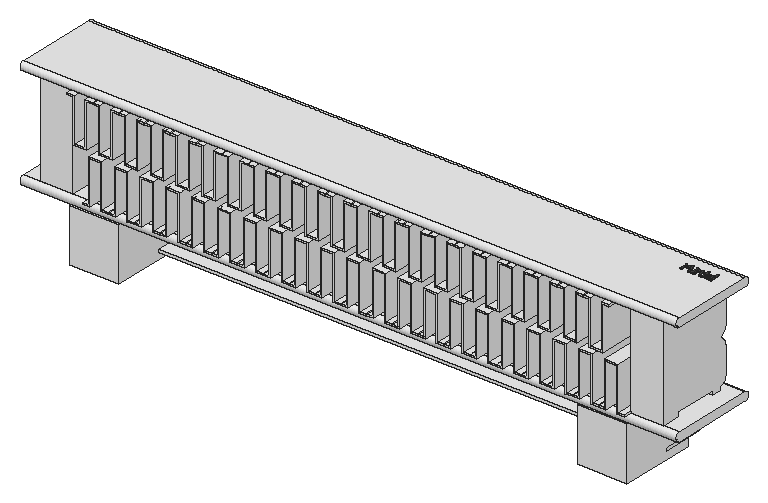
Revit family "Runtal R2F-1", category Mechanical Equipment, host Face, Revit 2015
Parameters (values of type "Radiator-R2F_1-Runtal-Commercial")
  URL = "http://www.runtalnorthamerica.com/commercial_institutional/type_r2f_quick_specs.html"
  Model = "R2F-1"
  Manufacturer = "Runtal Radiators"
  Logo = Paint-Runtal-B-Black Matte
  Length = 508.000 mm
  Lamelle = yes
  Height = 144.780 mm
  Grille Visibility = Actual Length < 1524.000 mm  # yes
  Grille = yes
  Frame = UHMW, White
  Fin Length = Actual Length - 38.100 mm - 38.100 mm  # 431.800 mm
  Fin Height = 67.000 mm
  Description = "R2F radiators are mounted horizontally and consist of two rows of fins sandwiched between two layers of panels."
  Default Elevation = 1219.200 mm
  Casing = Powder Coated-Runtal-W-White
  Assembly Code = "D3020"
  Actual Length = if(Length < 508.000 mm, 508.000 mm, (if(Length > 8991.600 mm, 8991.600 mm, Length)))  # 508.000 mm
Reference planes
  plane 1 "Center (Front/Back)": y = 0
  plane 2: z = 0
  plane 3 "Center (Left/Right)": x = 0
  plane 4: z = 41.275
  plane 5: z = 84.138
  plane 6: z = 120.65
  plane 7: x = -254
  plane 8: x = 254
  plane 9: x = 215.9
  plane 10: z = 52.675
  plane 11: z = 114.975
  plane 12: x = -215.9
  plane 13: z = 47.625
  plane 14: x = -241.3
  plane 15: x = 241.3
  plane 16: y = 66.03
  plane 17: y = 60.38
  plane 18: y = 61.38
  plane 19: z = 90.21
  plane 20: z = 52.675
  plane 21: z = 10.916
Forms (mm)
  Sweep 1, solid, material "Powder Coated-Runtal-W-White" <- "Casing"
    path origin (0, 2.53, -82.252) x (0, 0, -1) y (-1, 0, 0)
      loop
        line (-202.902, 254) -> (-202.902, -254)
    profile "PF Panel : PF Panel" origin (0, 2.53, 120.65) x (0, 0, -1) y (0, 1, 0)
      loop
        arc (-6.35, 3.175) -> (-3.175, 0) -> (0, 3.175) r 3.175
        line (0, 3.175) -> (0, 66.675)
        arc (0, 66.675) -> (-3.175, 69.85) -> (-6.35, 66.675) r 3.175
        line (-6.35, 66.675) -> (-6.35, 3.175)
  Sweep 2, solid, material "Powder Coated-Runtal-W-White" <- "Casing"
    path origin (0, 2.53, -161.627) x (0, 0, -1) y (-1, 0, 0)
      loop
        line (-202.902, 254) -> (-202.902, -254)
    profile "PF Panel : PF Panel" origin (0, 2.53, 41.275) x (0, 0, -1) y (0, 1, 0)
      loop
        arc (-6.35, 3.175) -> (-3.175, 0) -> (0, 3.175) r 3.175
        line (0, 3.175) -> (0, 66.675)
        arc (0, 66.675) -> (-3.175, 69.85) -> (-6.35, 66.675) r 3.175
        line (-6.35, 66.675) -> (-6.35, 3.175)
  Extrusion 3, solid, material "Paint-Runtal-B-Black Matte" <- "Logo"
    sketch origin (0, -823.718, -152.4) x (1, 0, 0) y (0, 1, 0)
      loop
        line (215.9, 877.175) -> (217.482, 877.175) -> (217.482, 880.935)
        arc (217.482, 880.935) -> (218.028, 881.547) -> (218.698, 881.075) r 0.616
        arc (218.698, 881.075) -> (218.926, 880.633) -> (219.216, 880.229) r 3.37
        line (219.216, 880.229) -> (221.077, 880.229) -> (219.757, 883.061)
        arc (219.757, 883.061) -> (219.338, 883.403) -> (218.812, 883.525) r 1.194
        line (218.812, 883.525) -> (216.635, 883.525)
        arc (216.635, 883.525) -> (216.118, 883.334) -> (215.9, 882.827) r 0.699
        line (215.9, 882.827) -> (215.9, 877.175)
      loop
        line (222.852, 877.146) -> (225.869, 877.146) -> (225.869, 883.46)
        arc (225.869, 883.46) -> (225.105, 883.929) -> (224.341, 883.46) r 0.856
        line (224.341, 883.46) -> (224.341, 879.55)
        arc (224.341, 879.55) -> (223.721, 878.929) -> (223.1, 879.55) r 0.62
        line (223.1, 879.55) -> (221.834, 883.692)
        arc (221.834, 883.692) -> (220.996, 884.11) -> (220.536, 883.296) r 0.68
        line (220.536, 883.296) -> (221.738, 878.473)
        arc (221.738, 878.473) -> (222.142, 877.681) -> (222.852, 877.146) r 1.976
      loop
        line (226.263, 877.175) -> (227.738, 877.175) -> (227.738, 881.08)
        arc (227.738, 881.08) -> (228.119, 881.677) -> (228.747, 881.35) r 0.524
        line (228.747, 881.35) -> (229.931, 878.096)
        arc (229.931, 878.096) -> (230.64, 877.334) -> (231.68, 877.312) r 1.335
        line (231.68, 877.312) -> (230.282, 882.529)
        arc (230.282, 882.529) -> (229.99, 883.234) -> (229.286, 883.525) r 0.996
        line (229.286, 883.525) -> (226.837, 883.525)
        arc (226.837, 883.525) -> (226.431, 883.357) -> (226.263, 882.951) r 0.574
        line (226.263, 882.951) -> (226.263, 877.175)
      loop
        line (232.362, 877.175) -> (233.546, 877.175) -> (233.546, 880.946)
        arc (233.546, 880.946) -> (233.686, 881.325) -> (234.038, 881.521) r 0.582
        line (234.038, 881.521) -> (236.904, 881.521)
        arc (236.904, 881.521) -> (237.565, 880.86) -> (236.904, 880.199) r 0.661
        line (236.904, 880.199) -> (235.445, 880.199)
        arc (235.445, 880.199) -> (234.937, 879.989) -> (234.726, 879.481) r 0.718
        line (234.726, 879.481) -> (234.726, 877.743)
        arc (234.726, 877.743) -> (235.131, 877.463) -> (235.621, 877.417) r 0.967
        line (235.621, 877.417) -> (238.115, 877.417)
        arc (238.115, 877.417) -> (238.698, 877.659) -> (238.939, 878.241) r 0.824
        line (238.939, 878.241) -> (238.939, 881.716)
        arc (238.939, 881.716) -> (238.614, 882.502) -> (237.828, 882.828) r 1.111
        line (237.828, 882.828) -> (234.143, 882.828)
        arc (234.143, 882.828) -> (233.721, 883.003) -> (233.546, 883.425) r 0.597
        line (233.546, 883.425) -> (233.546, 884.441)
        arc (233.546, 884.441) -> (232.868, 885.118) -> (232.191, 884.441) r 0.677
        line (232.191, 884.441) -> (232.191, 882.794)
        arc (232.191, 882.794) -> (231.752, 882.355) -> (231.152, 882.194) r 1.2
        arc (231.152, 882.194) -> (230.815, 881.857) -> (231.152, 881.521) r 0.336
        arc (231.152, 881.521) -> (231.811, 881.385) -> (232.362, 880.998) r 1.661
        line (232.362, 880.998) -> (232.362, 877.175)
      loop
        spline (235.817, 878.915) -> (235.846, 878.769) -> (235.933, 878.633) -> (236.07, 878.516) -> (236.248, 878.426) -> (236.456, 878.37) -> (236.68, 878.35) -> (236.903, 878.37) -> (237.111, 878.426) -> (237.289, 878.516) -> (237.427, 878.633) -> (237.513, 878.769) -> (237.542, 878.915)
        spline (237.542, 878.915) -> (237.513, 879.061) -> (237.427, 879.198) -> (237.289, 879.315) -> (237.111, 879.404) -> (236.903, 879.461) -> (236.68, 879.48) -> (236.456, 879.461) -> (236.248, 879.404) -> (236.07, 879.315) -> (235.933, 879.198) -> (235.846, 879.061) -> (235.817, 878.915)
      loop
        line (239.224, 877.175) -> (240.643, 877.175) -> (240.643, 884.403)
        arc (240.643, 884.403) -> (239.934, 885.113) -> (239.224, 884.403) r 0.71
        line (239.224, 884.403) -> (239.224, 877.175)
    from 279.4 to 279.569
  Extrusion 4, solid, material "Powder Coated-Runtal-W-White" <- "Casing"
    sketch origin (0, 72.38, -82.252) x (0, 0, -1) y (-1, 0, 0)
      loop
        line (-123.527, 177.8) -> (-82.252, 177.8) -> (-82.252, 215.9) -> (-123.527, 215.9) -> (-123.527, 177.8)
      loop
        line (-123.527, -177.8) -> (-123.527, -215.9) -> (-82.252, -215.9) -> (-82.252, -177.8) -> (-123.527, -177.8)
    from -69.85 to -11
  Extrusion 5, solid, material "Powder Coated-Runtal-W-White" <- "Casing", detail levels medium+fine
    sketch origin (0, -823.718, -77.492) x (1, 0, 0) y (0, 0, -1)
      loop
        arc (-213.36, -125.117) -> (-215.156, -125.861) -> (-215.9, -127.657) r 2.54
        line (-215.9, -127.657) -> (-215.9, -158.452)
        arc (-215.9, -158.452) -> (-215.156, -160.248) -> (-213.36, -160.992) r 2.54
        line (-213.36, -160.992) -> (213.36, -160.992)
        arc (213.36, -160.992) -> (215.156, -160.248) -> (215.9, -158.452) r 2.54
        line (215.9, -158.452) -> (215.9, -127.657)
        arc (215.9, -127.657) -> (215.156, -125.861) -> (213.36, -125.117) r 2.54
        line (213.36, -125.117) -> (-213.36, -125.117)
      loop
        arc (213.36, -198.142) -> (215.156, -197.398) -> (215.9, -195.602) r 2.54
        line (215.9, -195.602) -> (215.9, -164.169)
        arc (215.9, -164.169) -> (215.156, -162.373) -> (213.36, -161.629) r 2.54
        line (213.36, -161.629) -> (-213.36, -161.629)
        arc (-213.36, -161.629) -> (-215.156, -162.373) -> (-215.9, -164.169) r 2.54
        line (-215.9, -164.169) -> (-215.9, -195.602)
        arc (-215.9, -195.602) -> (-215.156, -197.398) -> (-213.36, -198.142) r 2.54
        line (-213.36, -198.142) -> (213.36, -198.142)
    from 890.718 to 896.098
  Extrusion 6, solid, material "Powder Coated-Runtal-W-White" <- "Casing"
    sketch origin (-457.2, -823.718, -82.38) x (0, 0, -1) y (0, 1, 0)
      loop
        arc (-133.188, 890.718) -> (-134.569, 894.504) -> (-138.27, 896.099) r 5.09
        line (-138.27, 896.099) -> (-160.039, 896.099)
        arc (-160.039, 896.099) -> (-164.401, 894.445) -> (-166.569, 890.314) r 6.578
        arc (-166.569, 890.314) -> (-168.673, 894.439) -> (-172.997, 896.098) r 6.464
        line (-172.997, 896.098) -> (-194.671, 896.098)
        arc (-194.671, 896.098) -> (-198.416, 894.512) -> (-199.883, 890.718) r 5.214
        line (-199.883, 890.718) -> (-203.03, 890.718) -> (-203.03, 877.778) -> (-199.855, 877.778) -> (-199.855, 844.049) -> (-203.03, 844.049) -> (-203.03, 829.825) -> (-130.005, 829.825) -> (-130.005, 844.049) -> (-133.18, 844.049) -> (-133.18, 877.778) -> (-130.005, 877.778) -> (-130.005, 890.718) -> (-133.188, 890.718)
    from 215.9 to 241.3
  Extrusion 7, solid, material "Powder Coated-Runtal-W-White" <- "Casing"
    sketch origin (0, 0, 0) x (0, 1, 0) y (0, 0, 1)
      loop
        line (72.38, 41.275) -> (70.461, 41.275) -> (70.461, 7.798) -> (40.63, 7.798) -> (40.63, 5.88) -> (72.38, 5.88) -> (72.38, 41.275)
    from -215.9 to 215.9
  Extrusion 8, solid, material "Powder Coated-Runtal-W-White" <- "Casing"
    sketch origin (457.2, -823.718, -82.38) x (0, 0, -1) y (0, -1, 0)
      loop
        line (-133.188, -884.368) -> (-130.005, -884.368) -> (-130.005, -877.778) -> (-133.18, -877.778) -> (-133.18, -844.049) -> (-130.005, -844.049) -> (-130.005, -829.825) -> (-203.03, -829.825) -> (-203.03, -844.049) -> (-199.855, -844.049) -> (-199.855, -877.778) -> (-203.03, -877.778) -> (-203.03, -884.368) -> (-199.883, -884.368)
        arc (-199.883, -884.368) -> (-198.416, -888.162) -> (-194.671, -889.748) r 5.214
        line (-194.671, -889.748) -> (-172.997, -889.748)
        arc (-172.997, -889.748) -> (-168.673, -888.089) -> (-166.569, -883.964) r 6.464
        arc (-166.569, -883.964) -> (-164.401, -888.095) -> (-160.039, -889.749) r 6.578
        line (-160.039, -889.749) -> (-138.27, -889.749)
        arc (-138.27, -889.749) -> (-134.569, -888.154) -> (-133.188, -884.368) r 5.09
    from 215.9 to 241.3
Dimensions and locks
  plane 6 to plane 5 to plane 4 to level = 36.512 mm locked, 42.863 mm locked, 41.275 mm locked
  locked: level to plane 10 at 52.675
  locked: level to plane 11 at 114.975
  equal spacing: plane 7, plane 3 "Center (Left/Right)", plane 8  (x2)
  locked: plane 13 to level at 47.625
  locked: plane 9 to plane 8 at 38.1
  locked: plane 12 to plane 7 at 38.1
  "Actual Length": plane 7 to plane 8
  locked: plane 15 to plane 8 at 12.7
  locked: plane 7 to plane 14 at 12.7
  locked: host face to plane 19 at 90.21
  locked: host face to plane 20 at 52.675
  locked: host face to plane 21 at 10.916
  aligned and locked: plane 2 to host face
  aligned and locked: level to host face
  aligned and locked: plane 2 to nested 1
  aligned and locked: nested 1 to plane 7
  aligned and locked: plane 2 to nested 2
  aligned and locked: Extrusion 4 to level  (x3)
  aligned and locked: level to nested 2
  aligned and locked: plane 14 to Extrusion 6
  aligned and locked: Extrusion 6 to plane 12  (x4)
  aligned and locked: plane 12 to nested 3
  aligned and locked: nested 4 to plane 9
  aligned and locked: Extrusion 7 to plane 4  (x2)
  aligned and locked: plane 18 to nested 6
  aligned and locked: nested 6 to plane 12
  aligned and locked: nested 6 to plane 9
  aligned and locked: nested 5 to plane 9
  aligned and locked: plane 9 to Extrusion 7
  aligned and locked: plane 9 to Extrusion 4
  aligned and locked: nested 1 to plane 9  (x2)
  aligned and locked: Extrusion 7 to plane 12
  aligned and locked: Extrusion 4 to plane 12
  aligned and locked: plane 12 to nested 1  (x2)
  aligned and locked: nested 5 to plane 12
  aligned and locked: Extrusion 8 to plane 15
  aligned and locked: Extrusion 8 to plane 9
  aligned and locked: plane 15 to nested 2
  aligned and locked: Extrusion 4 to nested 6
  aligned and locked: plane 21 to nested 5
  aligned and locked: plane 20 to nested 8
  aligned and locked: plane 9 to Extrusion 5  (x2)
  aligned and locked: plane 9 to nested 7
  aligned and locked: plane 9 to nested 8
  aligned and locked: plane 12 to nested 7
  aligned and locked: plane 12 to nested 8
  aligned and locked: plane 12 to Extrusion 7
  aligned and locked: Extrusion 5 to plane 12  (x2)
  aligned and locked: nested 4 to plane 12
  aligned and locked: plane 9 to Extrusion 8  (x2)
Automatic sketch dimensions
  host sketch curve to host sketch curve = 2438.400 mm  (x2)
  Sweep 1 sketch curve to plane 6 = 0.000 mm
  plane 8 to Sweep 1 sketch curve = 0.000 mm
  plane 7 to Sweep 1 sketch curve = 0.000 mm
  Sweep 2 sketch curve to plane 4 = 0.000 mm
  plane 8 to Sweep 2 sketch curve = 0.000 mm
  plane 7 to Sweep 2 sketch curve = 0.000 mm
  Extrusion 3 sketch curve to plane 9 = 0.000 mm
  plane 17 to Extrusion 3 sketch curve = 6.953 mm
  plane 9 to Extrusion 3 sketch curve = 0.735 mm
  Extrusion 3 sketch curve to Extrusion 3 sketch curve = 1.582 mm
  plane 17 to Extrusion 3 sketch curve = 0.573 mm  (x2)
  Extrusion 3 sketch curve to Extrusion 3 sketch curve = 2.177 mm
  Extrusion 3 sketch curve to Extrusion 3 sketch curve = 1.734 mm
  plane 17 to Extrusion 3 sketch curve = 1.037 mm
  Extrusion 3 sketch curve to Extrusion 3 sketch curve = 0.945 mm
  plane 17 to Extrusion 3 sketch curve = 0.803 mm
  Extrusion 3 sketch curve to Extrusion 3 sketch curve = 0.779 mm
  Extrusion 3 sketch curve to Extrusion 3 sketch curve = 1.861 mm
  Extrusion 3 sketch curve to Extrusion 3 sketch curve = 0.661 mm
  plane 17 to Extrusion 3 sketch curve = 0.406 mm
  Extrusion 3 sketch curve to Extrusion 3 sketch curve = 1.298 mm
  Extrusion 3 sketch curve to Extrusion 3 sketch curve = 1.114 mm
  Extrusion 3 sketch curve to Extrusion 3 sketch curve = 1.362 mm
  plane 17 to Extrusion 3 sketch curve = 0.638 mm  (x2)
  Extrusion 3 sketch curve to Extrusion 3 sketch curve = 2.507 mm
  Extrusion 3 sketch curve to Extrusion 3 sketch curve = 1.528 mm
  Extrusion 3 sketch curve to Extrusion 3 sketch curve = 0.394 mm
  Extrusion 3 sketch curve to Extrusion 3 sketch curve = 0.574 mm
  Extrusion 3 sketch curve to Extrusion 3 sketch curve = 1.475 mm
  plane 17 to Extrusion 3 sketch curve = 2.748 mm
  Extrusion 3 sketch curve to Extrusion 3 sketch curve = 1.008 mm
  Extrusion 3 sketch curve to Extrusion 3 sketch curve = 0.539 mm
  Extrusion 3 sketch curve to Extrusion 3 sketch curve = 2.193 mm
  plane 17 to Extrusion 3 sketch curve = 1.569 mm
  Extrusion 3 sketch curve to Extrusion 3 sketch curve = 1.749 mm
  Extrusion 3 sketch curve to plane 17 = 0.343 mm
  Extrusion 3 sketch curve to Extrusion 3 sketch curve = 1.909 mm
  Extrusion 3 sketch curve to Extrusion 3 sketch curve = 0.683 mm
  Extrusion 3 sketch curve to Extrusion 3 sketch curve = 1.355 mm
  Extrusion 3 sketch curve to Extrusion 3 sketch curve = 1.184 mm
  Extrusion 3 sketch curve to Extrusion 3 sketch curve = 0.492 mm  (x2)
  Extrusion 3 sketch curve to Extrusion 3 sketch curve = 1.181 mm
  Extrusion 3 sketch curve to Extrusion 3 sketch curve = 0.718 mm
  Extrusion 3 sketch curve to Extrusion 3 sketch curve = 0.894 mm
  Extrusion 3 sketch curve to Extrusion 3 sketch curve = 1.460 mm
  Extrusion 3 sketch curve to Extrusion 3 sketch curve = 0.923 mm
  Extrusion 3 sketch curve to Extrusion 3 sketch curve = 2.495 mm
  Extrusion 3 sketch curve to Extrusion 3 sketch curve = 1.111 mm
  Extrusion 3 sketch curve to Extrusion 3 sketch curve = 0.285 mm
  plane 15 to Extrusion 3 sketch curve = 0.657 mm
  Extrusion 3 sketch curve to Extrusion 3 sketch curve = 0.699 mm
  Extrusion 3 sketch curve to Extrusion 3 sketch curve = 0.616 mm
  Extrusion 3 sketch curve to Extrusion 3 sketch curve = 0.600 mm
  Extrusion 3 sketch curve to Extrusion 3 sketch curve = 0.603 mm
  Extrusion 3 sketch curve to Extrusion 3 sketch curve = 0.065 mm
  Extrusion 3 sketch curve to Extrusion 3 sketch curve = 0.764 mm
  Extrusion 3 sketch curve to Extrusion 3 sketch curve = 0.870 mm
  Extrusion 3 sketch curve to Extrusion 3 sketch curve = 0.034 mm
  Extrusion 3 sketch curve to Extrusion 3 sketch curve = 0.582 mm
  Extrusion 3 sketch curve to Extrusion 3 sketch curve = 0.597 mm
  Extrusion 3 sketch curve to Extrusion 3 sketch curve = 0.000 mm  (x3)
  Extrusion 3 sketch curve to Extrusion 3 sketch curve = 0.735 mm
  Extrusion 3 sketch curve to Extrusion 3 sketch curve = 0.356 mm
  Extrusion 3 sketch curve to Extrusion 3 sketch curve = 0.863 mm
  plane 17 to Extrusion 3 sketch curve = 6.923 mm
  Extrusion 3 sketch curve to Extrusion 3 sketch curve = 4.175 mm
  Extrusion 3 sketch curve to Extrusion 3 sketch curve = 0.030 mm
  Extrusion 3 sketch curve to Extrusion 3 sketch curve = 5.652 mm
  Extrusion 3 sketch curve to Extrusion 3 sketch curve = 0.137 mm
  Extrusion 3 sketch curve to Extrusion 3 sketch curve = 0.242 mm
  Extrusion 3 sketch curve to Extrusion 3 sketch curve = 0.326 mm
  Extrusion 3 sketch curve to Extrusion 3 sketch curve = 0.784 mm
  Extrusion 3 sketch curve to Extrusion 3 sketch curve = 1.327 mm
  Extrusion 3 sketch curve to Extrusion 3 sketch curve = 1.109 mm
  Extrusion 3 sketch curve to Extrusion 3 sketch curve = 0.599 mm
  Extrusion 3 sketch curve to Extrusion 3 sketch curve = 1.756 mm
  Extrusion 3 sketch curve to Extrusion 3 sketch curve = 0.706 mm
  Extrusion 3 sketch curve to Extrusion 3 sketch curve = 1.466 mm
  Extrusion 3 sketch curve to Extrusion 3 sketch curve = 0.051 mm
  Extrusion 3 sketch curve to Extrusion 3 sketch curve = 0.270 mm
  Extrusion 3 sketch curve to Extrusion 3 sketch curve = 0.195 mm
  plane 17 to Extrusion 3 sketch curve = 1.305 mm
  Extrusion 3 sketch curve to plane 17 = 0.305 mm
  Extrusion 3 sketch curve to Extrusion 3 sketch curve = 0.544 mm
  Extrusion 3 sketch curve to Extrusion 3 sketch curve = 1.307 mm
  Extrusion 3 sketch curve to Extrusion 3 sketch curve = 0.336 mm
  Extrusion 3 sketch curve to Extrusion 3 sketch curve = 0.387 mm
  Extrusion 4 sketch curve to plane 4 = 0.000 mm  (x2)
  Extrusion 4 sketch curve to level = 0.000 mm  (x2)
  Extrusion 4 sketch curve to plane 9 = 0.000 mm
  Extrusion 4 sketch curve to plane 12 = 0.000 mm
  Extrusion 4 sketch curve to Extrusion 4 sketch curve = 38.100 mm  (x2)
  Extrusion 5 sketch curve to plane 12 = 0.000 mm  (x2)
  Extrusion 5 sketch curve to plane 6 = 0.000 mm
  Extrusion 5 sketch curve to plane 5 = 0.000 mm
  Extrusion 5 sketch curve to plane 13 = 0.000 mm
  Extrusion 5 sketch curve to plane 9 = 0.000 mm  (x2)
  plane 6 to Extrusion 5 sketch curve = 2.540 mm
  plane 12 to Extrusion 5 sketch curve = 2.540 mm  (x3)
  Extrusion 5 sketch curve to Extrusion 5 sketch curve = 0.000 mm  (x2)
  Extrusion 5 sketch curve to plane 9 = 2.540 mm  (x2)
  plane 5 to Extrusion 5 sketch curve = 0.638 mm
  plane 6 to Extrusion 6 sketch curve = 0.000 mm  (x2)
  plane 13 to Extrusion 6 sketch curve = 0.000 mm  (x2)
  Extrusion 6 sketch curve to plane 1 "Center (Front/Back)" = 6.106 mm
  plane 11 to Extrusion 6 sketch curve = 2.527 mm
  plane 11 to Extrusion 6 sketch curve = 2.500 mm
  Extrusion 6 sketch curve to plane 11 = 2.684 mm
  Extrusion 6 sketch curve to plane 5 = 6.479 mm
  Extrusion 6 sketch curve to plane 16 = 6.351 mm
  plane 5 to Extrusion 6 sketch curve = 6.479 mm
  plane 10 to Extrusion 6 sketch curve = 3.215 mm
  Extrusion 6 sketch curve to plane 10 = 1.867 mm
  Extrusion 6 sketch curve to plane 10 = 1.875 mm
  Extrusion 6 sketch curve to plane 5 = 0.051 mm
  Extrusion 6 sketch curve to Extrusion 6 sketch curve = 14.225 mm  (x2)
  plane 17 to Extrusion 6 sketch curve = 6.320 mm  (x2)
  Extrusion 6 sketch curve to Extrusion 6 sketch curve = 6.578 mm
  plane 4 to Extrusion 7 sketch curve = 0.000 mm
  level to Extrusion 7 sketch curve = 7.798 mm
  plane 17 to Extrusion 7 sketch curve = 19.750 mm
  level to Extrusion 7 sketch curve = 5.880 mm
  Extrusion 7 sketch curve to plane 16 = 4.431 mm
  Extrusion 7 sketch curve to Extrusion 7 sketch curve = 1.919 mm
  plane 6 to Extrusion 8 sketch curve = 0.000 mm  (x2)
  Extrusion 8 sketch curve to plane 16 = 0.000 mm
  plane 13 to Extrusion 8 sketch curve = 0.000 mm  (x2)
  Extrusion 8 sketch curve to plane 16 = 0.001 mm
  plane 11 to Extrusion 8 sketch curve = 2.527 mm
  plane 11 to Extrusion 8 sketch curve = 2.500 mm
  Extrusion 8 sketch curve to plane 11 = 2.684 mm
  Extrusion 8 sketch curve to plane 5 = 6.479 mm
  plane 5 to Extrusion 8 sketch curve = 6.479 mm
  plane 10 to Extrusion 8 sketch curve = 3.215 mm
  Extrusion 8 sketch curve to plane 10 = 1.867 mm
  Extrusion 8 sketch curve to plane 10 = 1.875 mm
  Extrusion 8 sketch curve to plane 5 = 0.051 mm
  plane 16 to Extrusion 8 sketch curve = 5.380 mm  (x2)
  plane 17 to Extrusion 8 sketch curve = 6.320 mm  (x2)
  Extrusion 8 sketch curve to plane 1 "Center (Front/Back)" = 20.331 mm  (x2)
  Extrusion 8 sketch curve to plane 1 "Center (Front/Back)" = 6.106 mm
  plane 16 to Extrusion 8 sketch curve = 5.784 mm
  Extrusion 6 sketch curve to plane 16 = 6.350 mm
  Extrusion 6 sketch curve to plane 16 = 0.970 mm  (x2)
Nested families
  nested 1: "R2F_Plan_coarse" at (0, 37.465, 0) x (-1, 0, 0) z (0, -1, 0), type "R2F_Plan_coarse"
  nested 2: "R2F_Plan_Medium" at (0, 0, 0) x (-1, 0, 0) z (0, -1, 0), type "R2F_Plan_Medium"
  nested 3: "Family Fins" at (-215.9, 0, 120.65) x (1, 0, 0) z (0, 1, 0), type "Family Fins", detail levels medium+fine
    with fHeight 67.000 mm
  nested 4: "Family Fins" at (215.9, 0, 47.625) x (-1, 0, 0) z (0, 1, 0), type "Family Fins", detail levels medium+fine
    with fHeight 67.000 mm
  nested 5: "Family Grilles" at (215.9, 72.38, 10.916) x (-1, 0, 0) z (0, 1, 0), visible <- "Grille Visibility", type "Family Grilles", detail levels fine
  nested 6: "Family Back Grilles" at (215.9, 61.38, 5.88) x (-1, 0, 0) z (0, 0, -1), visible <- "Grille Visibility", type "Family Back Grilles", detail levels fine
  nested 7: "Family Grilles" at (-215.9, 72.38, 114.975) x (1, 0, 0) z (0, 1, 0), visible <- "Grille Visibility", type "Family Grilles", detail levels fine
  nested 8: "Family Grilles" at (-215.9, 72.38, 52.675) x (1, 0, 0) z (0, -1, 0), visible <- "Grille Visibility", type "Family Grilles", detail levels fine
Connectors
  piping at (196.85, 31.955, 0), diameter 609.6
    settings: on Extrusion 4, index 1, connector inside diameter 24", connector length 0.000 mm, flow factor 0, pipe flow 0 GPM, pressure drop 0.00 psi, fitting loss kfactor 0, connector angle 0.00°, fixture units 0, engagement length 0.000 mm, angle of deflection 0.00°, flow configuration 0, flow direction 0, fitting loss method 0, system type 7, joint type 0, gender type 0, connector reference index -1, connector utility 0, adjustable connector no, is connector primary yes, connector description ""
Definition of nested family "Family Fins"
  Parameters
    finLength = 431.800 mm
    fin# = rounddown((finLength) / 19.990 mm)  # 21
    fin = none
    fHeight = 120.000 mm
    Default Elevation = 0.000 mm  # constant formula
  Reference planes
    plane 1 "Center (Front/Back)": y = 0
    plane 2 "Stick": z = 0
    plane 3 "Center (Left/Right)": x = 0
    plane 4: x = 431.8
  Forms (mm)
    Extrusion 1, solid
      sketch origin (0, 0, 0) x (1, 0, 0) y (0, 1, 0)
        loop
          line (-1219.2, 1219.2) -> (-1219.2, -1219.2) -> (1219.2, -1219.2) -> (1219.2, 1219.2) -> (-1219.2, 1219.2)
      from 0 to -304.8
  Dimensions and locks
    "finLength": plane 3 "Center (Left/Right)" to plane 4
    equal spacing: group 1, group 2, group 3, group 4, group 5, group 6, group 7, group 8, group 9, group 10, group 11, group 12, group 13, group 14, group 15, group 16, group 17, group 18, group 19, group 20, group 21  (x3)
    aligned and locked: plane 2 "Stick" to Extrusion 1
    aligned and locked: level to Extrusion 1
  Automatic sketch dimensions
    Extrusion 1 sketch curve to Extrusion 1 sketch curve = 2438.400 mm  (x2)
  Nested families
    nested 1: "Family Lamelle" at (9.995, 0, 0), type "Family Lamelle"
      with fHeight 120.000 mm
    nested 2: "Family Lamelle" at (29.985, 0, 0), type "Family Lamelle"
      with fHeight 120.000 mm
    nested 3: "Family Lamelle" at (49.975, 0, 0), type "Family Lamelle"
      with fHeight 120.000 mm
    nested 4: "Family Lamelle" at (69.964, 0, 0), type "Family Lamelle"
      with fHeight 120.000 mm
    nested 5: "Family Lamelle" at (89.954, 0, 0), type "Family Lamelle"
      with fHeight 120.000 mm
    nested 6: "Family Lamelle" at (109.944, 0, 0), type "Family Lamelle"
      with fHeight 120.000 mm
    nested 7: "Family Lamelle" at (129.934, 0, 0), type "Family Lamelle"
      with fHeight 120.000 mm
    nested 8: "Family Lamelle" at (149.924, 0, 0), type "Family Lamelle"
      with fHeight 120.000 mm
    nested 9: "Family Lamelle" at (169.913, 0, 0), type "Family Lamelle"
      with fHeight 120.000 mm
    nested 10: "Family Lamelle" at (189.903, 0, 0), type "Family Lamelle"
      with fHeight 120.000 mm
    nested 11: "Family Lamelle" at (209.893, 0, 0), type "Family Lamelle"
      with fHeight 120.000 mm
    nested 12: "Family Lamelle" at (229.883, 0, 0), type "Family Lamelle"
      with fHeight 120.000 mm
    nested 13: "Family Lamelle" at (249.873, 0, 0), type "Family Lamelle"
      with fHeight 120.000 mm
    nested 14: "Family Lamelle" at (269.862, 0, 0), type "Family Lamelle"
      with fHeight 120.000 mm
    nested 15: "Family Lamelle" at (289.852, 0, 0), type "Family Lamelle"
      with fHeight 120.000 mm
    nested 16: "Family Lamelle" at (309.842, 0, 0), type "Family Lamelle"
      with fHeight 120.000 mm
    nested 17: "Family Lamelle" at (329.832, 0, 0), type "Family Lamelle"
      with fHeight 120.000 mm
    nested 18: "Family Lamelle" at (349.822, 0, 0), type "Family Lamelle"
      with fHeight 120.000 mm
    nested 19: "Family Lamelle" at (369.811, 0, 0), type "Family Lamelle"
      with fHeight 120.000 mm
    nested 20: "Family Lamelle" at (389.801, 0, 0), type "Family Lamelle"
      with fHeight 120.000 mm
    nested 21: "Family Lamelle" at (409.791, 0, 0), type "Family Lamelle"
      with fHeight 120.000 mm
  Definition of nested family "Family Lamelle"
    Parameters
      fHeight = 66.000 mm
      Fin = none
      Default Elevation = 1219.200 mm
    Reference planes
      plane 1 "Center (Front/Back)": y = 0
      plane 2: z = 0
      plane 3 "Center (Left/Right)": x = 0
    Forms (mm)
      Extrusion 1, solid
        sketch origin (0, 0, 0) x (1, 0, 0) y (0, 1, 0)
          loop
            line (-1219.2, 1219.2) -> (-1219.2, -1219.2) -> (1219.2, -1219.2) -> (1219.2, 1219.2) -> (-1219.2, 1219.2)
        from 0 to -304.8
      Sweep 2, solid, material <- "Fin"
        path origin (0, 0, 0) x (1, 0, 0) y (0, 0, 1)
          loop
            line (0, 0) -> (0, 66)
        profile "PF Lamelle : PF Lamelle" origin (0, 0, 33) x (-1, 0, 0) y (0, -1, 0)
          loop
            line (9.995, 0) -> (4.229, 0) -> (4.229, -33.477) -> (-4.229, -33.477) -> (-4.229, 0) -> (-9.995, 0) -> (-9.995, -1.016) -> (-5.245, -1.016) -> (-5.245, -34.493) -> (5.245, -34.493) -> (5.245, -1.016) -> (9.995, -1.016) -> (9.995, 0)
    Dimensions and locks
      "fHeight": Sweep 2 sketch curve to plane 2
      aligned and locked: plane 2 to Extrusion 1
      aligned and locked: level to Extrusion 1
    Automatic sketch dimensions
      Extrusion 1 sketch curve to Extrusion 1 sketch curve = 2438.400 mm  (x2)
      Sweep 2 sketch curve to plane 3 "Center (Left/Right)" = 0.000 mm
      Sweep 2 sketch curve to level = 0.000 mm
Definition of nested family "R2F_Plan_coarse"
  Parameters
    width = 508.000 mm
  Reference planes
    plane 1 "Center (Front/Back)": y = 0
    plane 2: z = 0
    plane 3 "Center (Left/Right)": x = 0
    plane 4: x = -254
    plane 5: x = 254
    plane 6: x = -177.8
    plane 7: x = 177.8
  Lines and regions (mm)
    Masking region 1, in view "Ref. Level"
      outline origin (0, 0, 0) x (1, 0, 0) y (0, 1, 0)
        loop
          line (-177.8, -4.961) -> (-177.8, 0) -> (-215.9, 0) -> (-215.9, -41.275) -> (-254, -41.275) -> (-254, -47.625) -> (-241.3, -47.625) -> (-241.3, -120.65) -> (-254, -120.65) -> (-254, -127) -> (254, -127) -> (254, -120.65) -> (241.3, -120.65) -> (241.3, -47.625) -> (254, -47.625) -> (254, -41.275) -> (215.9, -41.275) -> (215.9, 0) -> (177.8, 0) -> (177.8, -4.961) -> (-177.8, -4.961)
    detail lines, in view "Ref. Level"
      curve 1: line (-215.9, 0, 0) -> (-215.9, -41.275, 0)
      curve 2: line (-241.3, -47.625, 0) -> (-241.3, -120.65, 0)
      curve 3: line (215.9, -41.275, 0) -> (215.9, 0, 0)
      curve 4: line (215.9, 0, 0) -> (177.8, 0, 0)
      curve 5: line (177.8, 0, 0) -> (177.8, -4.961, 0)
      curve 6: line (-177.8, -4.961, 0) -> (-177.8, 0, 0)
      curve 7: line (-177.8, 0, 0) -> (-215.9, 0, 0)
      curve 8: line (-254, -41.275, 0) -> (-215.9, -41.275, 0)
      curve 9: line (-254, -41.275, 0) -> (-254, -47.625, 0)
      curve 10: line (-254, -47.625, 0) -> (-241.3, -47.625, 0)
      curve 11: line (-241.3, -120.65, 0) -> (-254, -120.65, 0)
      curve 12: line (-254, -120.65, 0) -> (-254, -127, 0)
      curve 13: line (-177.8, -4.961, 0) -> (177.8, -4.961, 0)
      curve 14: line (215.9, -41.275, 0) -> (254, -41.275, 0)
      curve 15: line (254, -41.275, 0) -> (254, -47.625, 0)
      curve 16: line (254, -47.625, 0) -> (241.3, -47.625, 0)
      curve 17: line (241.3, -47.625, 0) -> (241.3, -120.65, 0)
      curve 18: line (241.3, -120.65, 0) -> (254, -120.65, 0)
      curve 19: line (254, -120.65, 0) -> (254, -127, 0)
      curve 20: line (254, -127, 0) -> (-254, -127, 0)
    detail lines, in view "Ref. Level", not visible
      curve 21: line (-215.9, 0, 0) -> (-215.9, -41.275, 0)
      curve 22: line (-241.3, -47.625, 0) -> (-241.3, -120.65, 0)
      curve 23: line (-177.8, -4.961, 0) -> (-177.8, 0, 0)
      curve 24: line (-177.8, 0, 0) -> (-215.9, 0, 0)
      curve 25: line (-254, -41.275, 0) -> (-215.9, -41.275, 0)
      curve 26: line (-254, -41.275, 0) -> (-254, -47.625, 0)
      curve 27: line (-254, -47.625, 0) -> (-241.3, -47.625, 0)
      curve 28: line (-241.3, -120.65, 0) -> (-254, -120.65, 0)
      curve 29: line (-254, -120.65, 0) -> (-254, -127, 0)
      curve 30: line (215.9, -41.275, 0) -> (215.9, 0, 0)
      curve 31: line (215.9, 0, 0) -> (177.8, 0, 0)
      curve 32: line (177.8, 0, 0) -> (177.8, -4.961, 0)
      curve 33: line (215.9, -41.275, 0) -> (254, -41.275, 0)
      curve 34: line (254, -41.275, 0) -> (254, -47.625, 0)
      curve 35: line (254, -47.625, 0) -> (241.3, -47.625, 0)
      curve 36: line (241.3, -47.625, 0) -> (241.3, -120.65, 0)
      curve 37: line (241.3, -120.65, 0) -> (254, -120.65, 0)
      curve 38: line (254, -120.65, 0) -> (254, -127, 0)
  Dimensions and locks
    equal spacing: plane 4, plane 3 "Center (Left/Right)", plane 5
    "width": plane 4 to plane 5
    locked: plane 7 to plane 5 at 76.2
    locked: plane 4 to plane 6 at 76.2
    aligned and locked: plane 4 to curve 9
    aligned and locked: plane 5 to curve 15
    aligned and locked: plane 5 to curve 20
    aligned and locked: plane 4 to curve 20
    aligned and locked: curve 6 to plane 6
    aligned and locked: curve 5 to plane 7
    aligned and locked: curve 6 to Masking region 1 sketch curve
    aligned and locked: Masking region 1 sketch curve to curve 7
    aligned and locked: Masking region 1 sketch curve to curve 1
    aligned and locked: Masking region 1 sketch curve to curve 8
    aligned and locked: Masking region 1 sketch curve to curve 9
    aligned and locked: Masking region 1 sketch curve to curve 10
    aligned and locked: Masking region 1 sketch curve to curve 2
    aligned and locked: Masking region 1 sketch curve to curve 11
    aligned and locked: Masking region 1 sketch curve to curve 12
    aligned and locked: Masking region 1 sketch curve to curve 20
    aligned and locked: Masking region 1 sketch curve to curve 5
    aligned and locked: Masking region 1 sketch curve to curve 4
    aligned and locked: Masking region 1 sketch curve to curve 3
    aligned and locked: Masking region 1 sketch curve to curve 14
    aligned and locked: Masking region 1 sketch curve to curve 15
    aligned and locked: Masking region 1 sketch curve to curve 16
    aligned and locked: Masking region 1 sketch curve to curve 17
    aligned and locked: Masking region 1 sketch curve to curve 18
    aligned and locked: Masking region 1 sketch curve to curve 19
  Automatic sketch dimensions
    plane 1 "Center (Front/Back)" to curve 20 = 127.000 mm
    plane 1 "Center (Front/Back)" to Masking region 1 sketch curve = 4.961 mm
    curve 11 to curve 9 = 0.000 mm
    curve 9 to curve 2 = 12.700 mm
    curve 2 to curve 1 = 25.400 mm
    curve 1 to curve 6 = 38.100 mm
    curve 11 to curve 9 = 73.025 mm
    curve 9 to curve 8 = 6.350 mm
    curve 1 to curve 7 = 41.275 mm
    curve 12 to curve 11 = 6.350 mm
    curve 6 to curve 6 = 4.961 mm
    curve 28 to curve 26 = 0.000 mm
    curve 26 to curve 22 = 12.700 mm
    curve 22 to curve 21 = 25.400 mm
    curve 21 to curve 23 = 38.100 mm
    curve 28 to curve 26 = 73.025 mm
    curve 26 to curve 25 = 6.350 mm
    curve 21 to curve 24 = 41.275 mm
    curve 29 to curve 28 = 6.350 mm
    curve 23 to curve 23 = 4.961 mm
    curve 5 to curve 4 = 38.100 mm
    curve 14 to curve 17 = 25.400 mm
    curve 16 to curve 15 = 12.700 mm
    curve 17 to curve 19 = 12.700 mm
    curve 18 to curve 15 = 73.025 mm
    curve 17 to curve 3 = 6.350 mm
    curve 3 to curve 5 = 41.275 mm
    curve 19 to curve 18 = 6.350 mm
    curve 5 to curve 4 = 4.961 mm
    curve 32 to curve 31 = 38.100 mm
    curve 33 to curve 36 = 25.400 mm
    curve 35 to curve 34 = 12.700 mm
    curve 36 to curve 38 = 12.700 mm
    curve 37 to curve 34 = 73.025 mm
    curve 36 to curve 30 = 6.350 mm
    curve 30 to curve 32 = 41.275 mm
    curve 38 to curve 37 = 6.350 mm
    curve 32 to curve 31 = 4.961 mm
    curve 13 to plane 6 = 0.000 mm
    curve 13 to plane 7 = 0.000 mm
    plane 1 "Center (Front/Back)" to curve 13 = 4.961 mm
Definition of nested family "R2F_Plan_Medium"
  Parameters
    width = 508.000 mm
  Reference planes
    plane 1 "Center (Front/Back)": y = 0
    plane 2: z = 0
    plane 3 "Center (Left/Right)": x = 0
    plane 4: x = -254
    plane 5: x = 254
  Lines and regions (mm)
    Masking region 1, in view "Ref. Level", detail levels medium+fine
      outline origin (0, 0, 0) x (1, 0, 0) y (0, 1, 0)
        loop
          line (-177.8, -4.961) -> (-177.8, 0) -> (-215.9, 0) -> (-215.9, -41.275) -> (-254, -41.275) -> (-254, -47.625) -> (-241.3, -47.625) -> (-241.3, -120.65) -> (-254, -120.65) -> (-254, -127) -> (254, -127) -> (254, -120.65) -> (241.3, -120.65) -> (241.3, -47.625) -> (254, -47.625) -> (254, -41.275) -> (215.9, -41.275) -> (215.9, 0) -> (177.8, 0) -> (177.8, -4.961) -> (-177.8, -4.961)
    detail lines, in view "Ref. Level", detail levels medium+fine
      curve 1: line (-215.9, 0, 0) -> (-177.8, 0, 0)
      curve 2: line (-215.9, -41.275, 0) -> (-215.9, 0, 0)
      curve 3: line (-177.8, -41.275, 0) -> (-215.9, -41.275, 0)
      curve 4: line (-177.8, 0, 0) -> (-177.8, -4.961, 0)
      curve 5: line (177.8, 0, 0) -> (215.9, 0, 0)
      curve 6: line (177.8, -4.961, 0) -> (177.8, 0, 0)
      curve 7: line (215.9, 0, 0) -> (215.9, -41.275, 0)
      curve 8: line (241.3, -47.625, 0) -> (215.9, -47.625, 0)
      curve 9: line (241.3, -80.963, 0) -> (241.3, -47.625, 0)
      curve 10: line (215.9, -80.963, 0) -> (241.3, -80.963, 0)
      curve 11: line (215.9, -47.625, 0) -> (215.9, -80.963, 0)
      curve 12: line (241.3, -80.963, 0) -> (215.9, -80.963, 0)
      curve 13: line (241.3, -114.3, 0) -> (241.3, -80.963, 0)
      curve 14: line (215.9, -114.3, 0) -> (241.3, -114.3, 0)
      curve 15: line (215.9, -80.963, 0) -> (215.9, -114.3, 0)
      curve 16: line (215.9, -114.3, 0) -> (241.3, -114.3, 0)
      curve 17: line (215.9, -120.65, 0) -> (215.9, -114.3, 0)
      curve 18: line (241.3, -120.65, 0) -> (215.9, -120.65, 0)
      curve 19: line (241.3, -114.3, 0) -> (241.3, -120.65, 0)
      curve 20: line (254, -120.65, 0) -> (-254, -120.65, 0)
      curve 21: line (254, -127, 0) -> (254, -120.65, 0)
      curve 22: line (-254, -127, 0) -> (254, -127, 0)
      curve 23: line (-254, -120.65, 0) -> (-254, -127, 0)
      curve 24: line (-241.3, -84.138, 0) -> (-215.9, -84.138, 0)
      curve 25: line (-241.3, -117.475, 0) -> (-241.3, -84.138, 0)
      curve 26: line (-215.9, -117.475, 0) -> (-241.3, -117.475, 0)
      curve 27: line (-215.9, -84.138, 0) -> (-215.9, -117.475, 0)
      curve 28: line (-241.3, -117.475, 0) -> (-215.9, -117.475, 0)
      curve 29: line (-241.3, -120.65, 0) -> (-241.3, -117.475, 0)
      curve 30: line (-215.9, -120.65, 0) -> (-241.3, -120.65, 0)
      curve 31: line (-215.9, -117.475, 0) -> (-215.9, -120.65, 0)
      curve 32: line (-241.3, -50.8, 0) -> (-215.9, -50.8, 0)
      curve 33: line (-241.3, -84.138, 0) -> (-241.3, -50.8, 0)
      curve 34: line (-215.9, -84.138, 0) -> (-241.3, -84.138, 0)
      curve 35: line (-215.9, -50.8, 0) -> (-215.9, -84.138, 0)
      curve 36: line (-241.3, -47.625, 0) -> (-215.9, -47.625, 0)
      curve 37: line (-241.3, -50.8, 0) -> (-241.3, -47.625, 0)
      curve 38: line (-215.9, -50.8, 0) -> (-241.3, -50.8, 0)
      curve 39: line (-215.9, -47.625, 0) -> (-215.9, -50.8, 0)
      curve 40: line (-215.9, -83.5, 0) -> (215.9, -83.5, 0)
      curve 41: line (-215.9, -47.625, 0) -> (-215.9, -83.5, 0)
      curve 42: line (215.9, -47.625, 0) -> (-215.9, -47.625, 0)
      curve 43: line (215.9, -83.5, 0) -> (215.9, -47.625, 0)
      curve 44: line (-215.9, -84.135, 0) -> (215.9, -84.135, 0)
      curve 45: line (-215.9, -120.65, 0) -> (-215.9, -84.138, 0)
      curve 46: line (215.9, -120.65, 0) -> (-215.9, -120.65, 0)
      curve 47: line (215.9, -83.5, 0) -> (215.9, -120.65, 0)
      curve 48: line (-254, -47.625, 0) -> (254, -47.625, 0)
      curve 49: line (-254, -41.275, 0) -> (-254, -47.625, 0)
      curve 50: line (254, -41.275, 0) -> (-254, -41.275, 0)
      curve 51: line (254, -47.625, 0) -> (254, -41.275, 0)
    detail lines, in view "Ref. Level", not visible, detail levels medium+fine
      curve 52: line (-215.9, 0, 0) -> (-177.8, 0, 0)
      curve 53: line (-215.9, -41.275, 0) -> (-215.9, 0, 0)
      curve 54: line (-177.8, -41.275, 0) -> (-215.9, -41.275, 0)
      curve 55: line (-177.8, 0, 0) -> (-177.8, -4.961, 0)
      curve 56: line (-254, -120.65, 0) -> (-254, -127, 0)
      curve 57: line (-241.3, -84.138, 0) -> (-215.9, -84.138, 0)
      curve 58: line (-241.3, -117.475, 0) -> (-241.3, -84.138, 0)
      curve 59: line (-215.9, -117.475, 0) -> (-241.3, -117.475, 0)
      curve 60: line (-215.9, -84.138, 0) -> (-215.9, -117.475, 0)
      curve 61: line (-241.3, -117.475, 0) -> (-215.9, -117.475, 0)
      curve 62: line (-241.3, -120.65, 0) -> (-241.3, -117.475, 0)
      curve 63: line (-215.9, -120.65, 0) -> (-241.3, -120.65, 0)
      curve 64: line (-215.9, -117.475, 0) -> (-215.9, -120.65, 0)
      curve 65: line (-241.3, -50.8, 0) -> (-215.9, -50.8, 0)
      curve 66: line (-241.3, -84.138, 0) -> (-241.3, -50.8, 0)
      curve 67: line (-215.9, -84.138, 0) -> (-241.3, -84.138, 0)
      curve 68: line (-215.9, -50.8, 0) -> (-215.9, -84.138, 0)
      curve 69: line (-241.3, -47.625, 0) -> (-215.9, -47.625, 0)
      curve 70: line (-241.3, -50.8, 0) -> (-241.3, -47.625, 0)
      curve 71: line (-215.9, -50.8, 0) -> (-241.3, -50.8, 0)
      curve 72: line (-215.9, -47.625, 0) -> (-215.9, -50.8, 0)
      curve 73: line (-215.9, -47.625, 0) -> (-215.9, -83.5, 0)
      curve 74: line (-215.9, -120.65, 0) -> (-215.9, -84.138, 0)
      curve 75: line (-254, -41.275, 0) -> (-254, -47.625, 0)
      curve 76: line (177.8, 0, 0) -> (215.9, 0, 0)
      curve 77: line (177.8, -4.961, 0) -> (177.8, 0, 0)
      curve 78: line (215.9, 0, 0) -> (215.9, -41.275, 0)
      curve 79: line (241.3, -47.625, 0) -> (215.9, -47.625, 0)
      curve 80: line (241.3, -80.963, 0) -> (241.3, -47.625, 0)
      curve 81: line (215.9, -80.963, 0) -> (241.3, -80.963, 0)
      curve 82: line (215.9, -47.625, 0) -> (215.9, -80.963, 0)
      curve 83: line (241.3, -80.963, 0) -> (215.9, -80.963, 0)
      curve 84: line (241.3, -114.3, 0) -> (241.3, -80.963, 0)
      curve 85: line (215.9, -114.3, 0) -> (241.3, -114.3, 0)
      curve 86: line (215.9, -80.963, 0) -> (215.9, -114.3, 0)
      curve 87: line (215.9, -114.3, 0) -> (241.3, -114.3, 0)
      curve 88: line (215.9, -120.65, 0) -> (215.9, -114.3, 0)
      curve 89: line (241.3, -120.65, 0) -> (215.9, -120.65, 0)
      curve 90: line (241.3, -114.3, 0) -> (241.3, -120.65, 0)
      curve 91: line (254, -127, 0) -> (254, -120.65, 0)
      curve 92: line (215.9, -83.5, 0) -> (215.9, -47.625, 0)
      curve 93: line (215.9, -83.5, 0) -> (215.9, -120.65, 0)
      curve 94: line (254, -47.625, 0) -> (254, -41.275, 0)
  Dimensions and locks
    equal spacing: plane 4, plane 3 "Center (Left/Right)", plane 5
    "width": plane 4 to plane 5
    aligned and locked: plane 4 to curve 49  (x2)
    aligned and locked: plane 4 to curve 23  (x3)
    aligned and locked: curve 51 to plane 5
    aligned and locked: curve 21 to plane 5
    aligned and locked: plane 4 to curve 50
    aligned and locked: plane 5 to curve 51  (x2)
    aligned and locked: plane 5 to curve 21
    aligned and locked: plane 5 to curve 22
    aligned and locked: plane 4 to curve 22
    aligned and locked: plane 4 to curve 20
    aligned and locked: plane 4 to curve 48
    aligned and locked: plane 5 to curve 20
    aligned and locked: plane 5 to curve 50
    aligned and locked: plane 5 to curve 48
    aligned and locked: curve 47 to curve 44
    aligned and locked: curve 40 to curve 47
    aligned and locked: curve 45 to curve 44
    aligned and locked: curve 45 to curve 40
    aligned and locked: plane 1 "Center (Front/Back)" to curve 1
    aligned and locked: plane 1 "Center (Front/Back)" to curve 5
    aligned and locked: plane 4 to Masking region 1  (x2)
    aligned and locked: Masking region 1 to plane 5  (x2)
  Automatic sketch dimensions
    plane 1 "Center (Front/Back)" to curve 20 = 120.650 mm
    plane 1 "Center (Front/Back)" to curve 22 = 127.000 mm
    plane 1 "Center (Front/Back)" to curve 40 = 83.500 mm
    curve 42 to plane 3 "Center (Left/Right)" = 215.900 mm
    plane 3 "Center (Left/Right)" to curve 42 = 215.900 mm
    plane 1 "Center (Front/Back)" to curve 42 = 47.625 mm
    plane 1 "Center (Front/Back)" to curve 44 = 84.135 mm
    curve 46 to plane 3 "Center (Left/Right)" = 215.900 mm
    plane 3 "Center (Left/Right)" to curve 46 = 215.900 mm
    plane 1 "Center (Front/Back)" to curve 46 = 120.650 mm
    plane 1 "Center (Front/Back)" to curve 48 = 47.625 mm
    plane 1 "Center (Front/Back)" to curve 50 = 41.275 mm
    Masking region 1 sketch curve to plane 4 = 0.000 mm  (x2)
    plane 1 "Center (Front/Back)" to Masking region 1 sketch curve = 0.000 mm  (x2)
    Masking region 1 sketch curve to plane 5 = 0.000 mm  (x2)
    plane 1 "Center (Front/Back)" to Masking region 1 sketch curve = 127.000 mm
    Masking region 1 sketch curve to plane 4 = 12.700 mm
    Masking region 1 sketch curve to plane 4 = 38.100 mm
    Masking region 1 sketch curve to Masking region 1 sketch curve = 38.100 mm  (x2)
    plane 5 to Masking region 1 sketch curve = 76.200 mm
    Masking region 1 sketch curve to Masking region 1 sketch curve = 12.700 mm
    Masking region 1 sketch curve to Masking region 1 sketch curve = 6.350 mm  (x4)
    plane 1 "Center (Front/Back)" to Masking region 1 sketch curve = 47.625 mm  (x2)
    plane 1 "Center (Front/Back)" to Masking region 1 sketch curve = 4.961 mm
    curve 24 to curve 27 = 25.400 mm
    curve 3 to curve 36 = 0.000 mm
    curve 1 to curve 4 = 38.100 mm
    curve 49 to curve 36 = 12.700 mm
    curve 23 to curve 29 = 12.700 mm
    curve 3 to curve 4 = 0.000 mm
    curve 30 to curve 28 = 3.175 mm
    curve 25 to curve 25 = 33.337 mm
    curve 24 to curve 35 = 33.338 mm
    curve 32 to curve 36 = 3.175 mm
    curve 36 to curve 3 = 6.350 mm
    curve 3 to curve 4 = 41.275 mm
    curve 23 to curve 29 = 6.350 mm
    curve 23 to curve 23 = 6.350 mm
    curve 24 to curve 41 = 0.638 mm
    curve 49 to curve 36 = 0.000 mm
    curve 49 to curve 49 = 6.350 mm
    curve 4 to curve 1 = 4.961 mm
    curve 57 to curve 60 = 25.400 mm
    curve 54 to curve 69 = 0.000 mm
    curve 52 to curve 55 = 38.100 mm
    curve 75 to curve 69 = 12.700 mm
    curve 56 to curve 62 = 12.700 mm
    curve 54 to curve 55 = 0.000 mm
    curve 63 to curve 61 = 3.175 mm
    curve 58 to curve 58 = 33.337 mm
    curve 57 to curve 68 = 33.338 mm
    curve 65 to curve 69 = 3.175 mm
    curve 69 to curve 54 = 6.350 mm
    curve 54 to curve 55 = 41.275 mm
    curve 56 to curve 62 = 6.350 mm
    curve 56 to curve 56 = 6.350 mm
    curve 57 to curve 73 = 0.638 mm
    curve 75 to curve 69 = 0.000 mm
    curve 75 to curve 75 = 6.350 mm
    curve 55 to curve 52 = 4.961 mm
    curve 6 to curve 47 = 38.100 mm
    curve 5 to curve 5 = 38.100 mm
    curve 14 to curve 14 = 25.400 mm
    curve 18 to curve 21 = 12.700 mm
    curve 8 to curve 51 = 12.700 mm
    curve 18 to curve 19 = 6.350 mm
    curve 14 to curve 47 = 30.800 mm
    curve 43 to curve 11 = 2.537 mm
    curve 9 to curve 9 = 33.338 mm
    curve 21 to curve 18 = 6.350 mm
    curve 21 to curve 21 = 6.350 mm
    curve 8 to curve 51 = 0.000 mm
    curve 51 to curve 51 = 6.350 mm
    curve 6 to curve 5 = 4.961 mm
    curve 8 to curve 7 = 6.350 mm
    curve 7 to curve 5 = 41.275 mm
    curve 77 to curve 93 = 38.100 mm
    curve 76 to curve 76 = 38.100 mm
    curve 85 to curve 85 = 25.400 mm
    curve 89 to curve 91 = 12.700 mm
    curve 79 to curve 94 = 12.700 mm
    curve 89 to curve 90 = 6.350 mm
    curve 85 to curve 93 = 30.800 mm
    curve 92 to curve 82 = 2.537 mm
    curve 80 to curve 80 = 33.338 mm
    curve 91 to curve 89 = 6.350 mm
    curve 91 to curve 91 = 6.350 mm
    curve 79 to curve 94 = 0.000 mm
    curve 94 to curve 94 = 6.350 mm
    curve 77 to curve 76 = 4.961 mm
    curve 79 to curve 78 = 6.350 mm
    curve 78 to curve 76 = 41.275 mm
Definition of nested family "Family Grilles"
  Parameters
    finLength = 431.800 mm
    Right# = ((finLength - 10.160 mm) / (5.080 mm)) + 1  # 84
    Left# = ((finLength - 7.620 mm) / (5.080 mm)) + 1  # 85
    Default Elevation = 1219.200 mm
  Reference planes
    plane 1 "Center (Front/Back)": y = 0
    plane 2: z = 0
    plane 3 "Center (Left/Right)": x = 0
    plane 4: x = 431.8
  Forms (mm)
    Extrusion 1, solid
      sketch origin (0, 0, 0) x (1, 0, 0) y (0, 1, 0)
        loop
          line (-1219.2, 1219.2) -> (-1219.2, -1219.2) -> (1219.2, -1219.2) -> (1219.2, 1219.2) -> (-1219.2, 1219.2)
      from 0 to -304.8
  Lines and regions (mm)
    model lines
      curve 1: circle (2.54, 23.495, 0) r 1.27 normal (0, 0, 1)
      curve 2: circle (2.54, 14.605, 0) r 1.27 normal (0, 0, 1)
      curve 3: circle (2.54, 5.715, 0) r 1.27 normal (0, 0, 1)
      curve 4: circle (5.08, 19.05, 0) r 1.27 normal (0, 0, 1)
      curve 5: circle (5.08, 10.16, 0) r 1.27 normal (0, 0, 1)
      curve 6: circle (5.08, 1.27, 0) r 1.27 normal (0, 0, 1)
      curve 13: circle (7.62, 23.495, 0) r 1.27 normal (0, 0, 1)
      curve 14: circle (7.62, 14.605, 0) r 1.27 normal (0, 0, 1)
      curve 15: circle (7.62, 5.715, 0) r 1.27 normal (0, 0, 1)
      curve 16: circle (10.16, 19.05, 0) r 1.27 normal (0, 0, 1)
      curve 17: circle (10.16, 10.16, 0) r 1.27 normal (0, 0, 1)
      curve 18: circle (10.16, 1.27, 0) r 1.27 normal (0, 0, 1)
      curve 19: circle (15.24, 19.05, 0) r 1.27 normal (0, 0, 1)
      curve 20: circle (15.24, 10.16, 0) r 1.27 normal (0, 0, 1)
      curve 21: circle (15.24, 1.27, 0) r 1.27 normal (0, 0, 1)
      curve 22: circle (20.32, 19.05, 0) r 1.27 normal (0, 0, 1)
      curve 23: circle (20.32, 10.16, 0) r 1.27 normal (0, 0, 1)
      curve 24: circle (20.32, 1.27, 0) r 1.27 normal (0, 0, 1)
      curve 25: circle (12.7, 23.495, 0) r 1.27 normal (0, 0, 1)
      curve 26: circle (12.7, 14.605, 0) r 1.27 normal (0, 0, 1)
      curve 27: circle (12.7, 5.715, 0) r 1.27 normal (0, 0, 1)
      curve 28: circle (17.78, 23.495, 0) r 1.27 normal (0, 0, 1)
      curve 29: circle (17.78, 14.605, 0) r 1.27 normal (0, 0, 1)
      curve 30: circle (17.78, 5.715, 0) r 1.27 normal (0, 0, 1)
      curve 31: circle (22.86, 23.495, 0) r 1.27 normal (0, 0, 1)
      curve 32: circle (22.86, 14.605, 0) r 1.27 normal (0, 0, 1)
      curve 33: circle (22.86, 5.715, 0) r 1.27 normal (0, 0, 1)
      curve 34: circle (27.94, 23.495, 0) r 1.27 normal (0, 0, 1)
      curve 35: circle (27.94, 14.605, 0) r 1.27 normal (0, 0, 1)
      curve 36: circle (27.94, 5.715, 0) r 1.27 normal (0, 0, 1)
      curve 37: circle (33.02, 23.495, 0) r 1.27 normal (0, 0, 1)
      curve 38: circle (33.02, 14.605, 0) r 1.27 normal (0, 0, 1)
      curve 39: circle (33.02, 5.715, 0) r 1.27 normal (0, 0, 1)
      curve 40: circle (38.1, 23.495, 0) r 1.27 normal (0, 0, 1)
      curve 41: circle (38.1, 14.605, 0) r 1.27 normal (0, 0, 1)
      curve 42: circle (38.1, 5.715, 0) r 1.27 normal (0, 0, 1)
      curve 43: circle (43.18, 23.495, 0) r 1.27 normal (0, 0, 1)
      curve 44: circle (43.18, 14.605, 0) r 1.27 normal (0, 0, 1)
      curve 45: circle (43.18, 5.715, 0) r 1.27 normal (0, 0, 1)
      curve 46: circle (48.26, 23.495, 0) r 1.27 normal (0, 0, 1)
      curve 47: circle (48.26, 14.605, 0) r 1.27 normal (0, 0, 1)
      curve 48: circle (48.26, 5.715, 0) r 1.27 normal (0, 0, 1)
      curve 49: circle (53.34, 23.495, 0) r 1.27 normal (0, 0, 1)
      curve 50: circle (53.34, 14.605, 0) r 1.27 normal (0, 0, 1)
      curve 51: circle (53.34, 5.715, 0) r 1.27 normal (0, 0, 1)
      curve 52: circle (58.42, 23.495, 0) r 1.27 normal (0, 0, 1)
      curve 53: circle (58.42, 14.605, 0) r 1.27 normal (0, 0, 1)
      curve 54: circle (58.42, 5.715, 0) r 1.27 normal (0, 0, 1)
      curve 55: circle (63.5, 23.495, 0) r 1.27 normal (0, 0, 1)
      curve 56: circle (63.5, 14.605, 0) r 1.27 normal (0, 0, 1)
      curve 57: circle (63.5, 5.715, 0) r 1.27 normal (0, 0, 1)
      curve 58: circle (68.58, 23.495, 0) r 1.27 normal (0, 0, 1)
      curve 59: circle (68.58, 14.605, 0) r 1.27 normal (0, 0, 1)
      curve 60: circle (68.58, 5.715, 0) r 1.27 normal (0, 0, 1)
      curve 61: circle (73.66, 23.495, 0) r 1.27 normal (0, 0, 1)
      curve 62: circle (73.66, 14.605, 0) r 1.27 normal (0, 0, 1)
      curve 63: circle (73.66, 5.715, 0) r 1.27 normal (0, 0, 1)
      curve 64: circle (78.74, 23.495, 0) r 1.27 normal (0, 0, 1)
      curve 65: circle (78.74, 14.605, 0) r 1.27 normal (0, 0, 1)
      curve 66: circle (78.74, 5.715, 0) r 1.27 normal (0, 0, 1)
      curve 67: circle (83.82, 23.495, 0) r 1.27 normal (0, 0, 1)
      curve 68: circle (83.82, 14.605, 0) r 1.27 normal (0, 0, 1)
      curve 69: circle (83.82, 5.715, 0) r 1.27 normal (0, 0, 1)
      curve 70: circle (88.9, 23.495, 0) r 1.27 normal (0, 0, 1)
      curve 71: circle (88.9, 14.605, 0) r 1.27 normal (0, 0, 1)
      curve 72: circle (88.9, 5.715, 0) r 1.27 normal (0, 0, 1)
      curve 73: circle (93.98, 23.495, 0) r 1.27 normal (0, 0, 1)
      curve 74: circle (93.98, 14.605, 0) r 1.27 normal (0, 0, 1)
      curve 75: circle (93.98, 5.715, 0) r 1.27 normal (0, 0, 1)
      curve 76: circle (99.06, 23.495, 0) r 1.27 normal (0, 0, 1)
      curve 77: circle (99.06, 14.605, 0) r 1.27 normal (0, 0, 1)
      curve 78: circle (99.06, 5.715, 0) r 1.27 normal (0, 0, 1)
      curve 79: circle (104.14, 23.495, 0) r 1.27 normal (0, 0, 1)
      curve 80: circle (104.14, 14.605, 0) r 1.27 normal (0, 0, 1)
      curve 81: circle (104.14, 5.715, 0) r 1.27 normal (0, 0, 1)
      curve 82: circle (109.22, 23.495, 0) r 1.27 normal (0, 0, 1)
      curve 83: circle (109.22, 14.605, 0) r 1.27 normal (0, 0, 1)
      curve 84: circle (109.22, 5.715, 0) r 1.27 normal (0, 0, 1)
      curve 85: circle (114.3, 23.495, 0) r 1.27 normal (0, 0, 1)
      curve 86: circle (114.3, 14.605, 0) r 1.27 normal (0, 0, 1)
      curve 87: circle (114.3, 5.715, 0) r 1.27 normal (0, 0, 1)
      curve 88: circle (119.38, 23.495, 0) r 1.27 normal (0, 0, 1)
      curve 89: circle (119.38, 14.605, 0) r 1.27 normal (0, 0, 1)
      curve 90: circle (119.38, 5.715, 0) r 1.27 normal (0, 0, 1)
      curve 91: circle (124.46, 23.495, 0) r 1.27 normal (0, 0, 1)
      curve 92: circle (124.46, 14.605, 0) r 1.27 normal (0, 0, 1)
      curve 93: circle (124.46, 5.715, 0) r 1.27 normal (0, 0, 1)
      curve 94: circle (129.54, 23.495, 0) r 1.27 normal (0, 0, 1)
      curve 95: circle (129.54, 14.605, 0) r 1.27 normal (0, 0, 1)
      curve 96: circle (129.54, 5.715, 0) r 1.27 normal (0, 0, 1)
      curve 97: circle (134.62, 23.495, 0) r 1.27 normal (0, 0, 1)
      curve 98: circle (134.62, 14.605, 0) r 1.27 normal (0, 0, 1)
      curve 99: circle (134.62, 5.715, 0) r 1.27 normal (0, 0, 1)
      curve 100: circle (139.7, 23.495, 0) r 1.27 normal (0, 0, 1)
      curve 101: circle (139.7, 14.605, 0) r 1.27 normal (0, 0, 1)
      curve 102: circle (139.7, 5.715, 0) r 1.27 normal (0, 0, 1)
      curve 103: circle (144.78, 23.495, 0) r 1.27 normal (0, 0, 1)
      curve 104: circle (144.78, 14.605, 0) r 1.27 normal (0, 0, 1)
      curve 105: circle (144.78, 5.715, 0) r 1.27 normal (0, 0, 1)
      curve 106: circle (149.86, 23.495, 0) r 1.27 normal (0, 0, 1)
      curve 107: circle (149.86, 14.605, 0) r 1.27 normal (0, 0, 1)
      curve 108: circle (149.86, 5.715, 0) r 1.27 normal (0, 0, 1)
      curve 109: circle (154.94, 23.495, 0) r 1.27 normal (0, 0, 1)
      curve 110: circle (154.94, 14.605, 0) r 1.27 normal (0, 0, 1)
      curve 111: circle (154.94, 5.715, 0) r 1.27 normal (0, 0, 1)
      curve 112: circle (160.02, 23.495, 0) r 1.27 normal (0, 0, 1)
      curve 113: circle (160.02, 14.605, 0) r 1.27 normal (0, 0, 1)
      curve 114: circle (160.02, 5.715, 0) r 1.27 normal (0, 0, 1)
      curve 115: circle (165.1, 23.495, 0) r 1.27 normal (0, 0, 1)
      curve 116: circle (165.1, 14.605, 0) r 1.27 normal (0, 0, 1)
      curve 117: circle (165.1, 5.715, 0) r 1.27 normal (0, 0, 1)
      curve 118: circle (170.18, 23.495, 0) r 1.27 normal (0, 0, 1)
      curve 119: circle (170.18, 14.605, 0) r 1.27 normal (0, 0, 1)
      curve 120: circle (170.18, 5.715, 0) r 1.27 normal (0, 0, 1)
      curve 121: circle (175.26, 23.495, 0) r 1.27 normal (0, 0, 1)
      curve 122: circle (175.26, 14.605, 0) r 1.27 normal (0, 0, 1)
      curve 123: circle (175.26, 5.715, 0) r 1.27 normal (0, 0, 1)
      curve 124: circle (180.34, 23.495, 0) r 1.27 normal (0, 0, 1)
      curve 125: circle (180.34, 14.605, 0) r 1.27 normal (0, 0, 1)
      curve 126: circle (180.34, 5.715, 0) r 1.27 normal (0, 0, 1)
      curve 127: circle (185.42, 23.495, 0) r 1.27 normal (0, 0, 1)
      curve 128: circle (185.42, 14.605, 0) r 1.27 normal (0, 0, 1)
      curve 129: circle (185.42, 5.715, 0) r 1.27 normal (0, 0, 1)
      curve 130: circle (190.5, 23.495, 0) r 1.27 normal (0, 0, 1)
      curve 131: circle (190.5, 14.605, 0) r 1.27 normal (0, 0, 1)
      curve 132: circle (190.5, 5.715, 0) r 1.27 normal (0, 0, 1)
      curve 133: circle (195.58, 23.495, 0) r 1.27 normal (0, 0, 1)
      curve 134: circle (195.58, 14.605, 0) r 1.27 normal (0, 0, 1)
      curve 135: circle (195.58, 5.715, 0) r 1.27 normal (0, 0, 1)
      curve 136: circle (200.66, 23.495, 0) r 1.27 normal (0, 0, 1)
      curve 137: circle (200.66, 14.605, 0) r 1.27 normal (0, 0, 1)
      curve 138: circle (200.66, 5.715, 0) r 1.27 normal (0, 0, 1)
      curve 139: circle (205.74, 23.495, 0) r 1.27 normal (0, 0, 1)
      curve 140: circle (205.74, 14.605, 0) r 1.27 normal (0, 0, 1)
      curve 141: circle (205.74, 5.715, 0) r 1.27 normal (0, 0, 1)
      curve 142: circle (210.82, 23.495, 0) r 1.27 normal (0, 0, 1)
